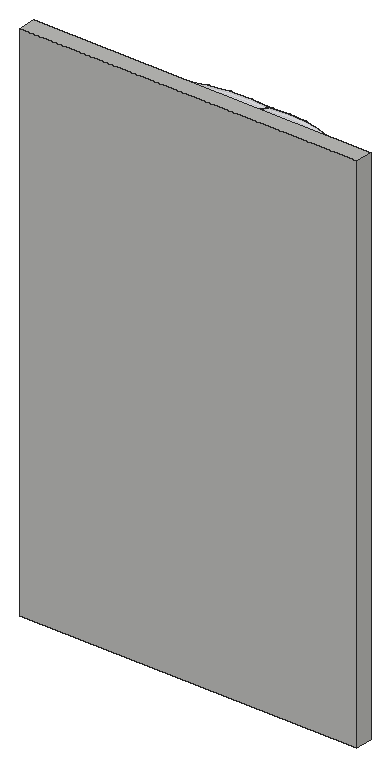
Revit family "TLI - Zenith W Small - Wall", category Lighting Fixtures, host Wall, Revit 2012
Parameters (values of type "Biax 4-Pin 2 -  27W - 277V")
  Width = 1' - 0 5/8"
  Wet Location [instance] = yes
  Watts = 54 W
  Wattage = 24.2356 W
  built-in parameter 1150110 = 1 (stored number, unit not read)
  Voltage = 54 V
  URL = "http://teronlighting.com/"
  built-in parameter 1114217 = 0.81 (stored number, unit not read)
  Tilt Angle = 0.00°
  built-in parameter 1150109 = 1 (stored number, unit not read)
  built-in parameter 1150134 = (empty or 0)
  built-in parameter 1150113 = 1 (stored number, unit not read)
  Requires Special Disposal = no
  Remote Battery = no
  Product Page URL = "http://teronlighting.com/products/zenith-w-small/"
  Product Documentation URL = "http://teronlighting.com/wp-content/uploads/Zenith-W-Small.pdf"
  Product = "Zenith W Small"
  Point of Final Manufacture = "Fairfield, OH, USA"
  Photometric Web File = "generic.ies"
  Percentage Pre-Consumer = 0
  Percentage Post-Consumer = 0
  Number of Lamps = 2
  built-in parameter 1150142 = (empty or 0)
  Multi-Tap Ballast [instance] = no
  Mounting Type = "4\" Junction Box"
  Model = "ZENS - 227"
  MasterFormat 2004 Title = "Exterior Lighting"
  MasterFormat 2004 Number = "26.56.00"
  Manufacturer Telephone = "01-513-858-6004"
  Manufacturer Email = "sales@teronlight.com"
  Manufacturer Address = "33 Donald Drive Fairfield, OH 45014"
  Manufacturer = "Teron Lighting"
  Lumens = 3600 lm
  built-in parameter 1150115 = 1 (stored number, unit not read)
  built-in parameter 1150105 = 286.48 (stored number, unit not read)
  built-in parameter 1150137 = (empty or 0)
  built-in parameter 1150139 = 0.81 (stored number, unit not read)
  Length = 1' - 7 5/8"
  built-in parameter 1150112 = 1 (stored number, unit not read)
  built-in parameter 1150114 = 1 (stored number, unit not read)
  Lamp Base = "4-Pin"
  Lamp = "2 - 27W BIAX"
  Integral Battery = no
  built-in parameter 1150132 = 2
  built-in parameter 1150102 = 3600
  built-in parameter 1150138 = 3000 (stored number, unit not read)
  built-in parameter 1150107 = 3000 (stored number, unit not read)
  Industry Standards = "Buy America Act, Vandal Resistant"
  built-in parameter 1150106 = 2.8648 (stored number, unit not read)
  Fused [instance] = no
  Fixture Material = Paint - TLI - Matte Silver
  Fixture = "Aluminum"
  Finish = "Matte Silver"
  Emergency Light Fixture [instance] = no
  Electronic Ballast [instance] = no
  built-in parameter 1150104 = 13.8 (stored number, unit not read)
  Distributor Locations = "USA, Canada, Puerto Rico"
  Dimming Lamp Color Temperature Shift = <None>
  Dimming Ballast [instance] = no
  Diffuser Material = Acrylic - TLI - Luminous White
  Diffuser = "Luminous White Acrylic"
  Description = "Architectectural Outdoor"
  Depth = 0' - 3 7/8"
  Date Created = "7.2.2012"
  Created By = "RenderSpec  http://rederspec.com"
  Cost = 0
  Conditions of Use = "Elements are representations. Color and detail may differ from actual product. Information is for general use and should be reviewed by a Professional."
  Color Filter = 16777215
  built-in parameter 1114218 = 1 (stored number, unit not read)
  built-in parameter 1150133 = 10 (stored number, unit not read)
  Apparent Load = 0 VA
  Amps = 1
  ADA Compliant = yes
Types (4): name | Watts | Wattage | Voltage | Number of Lamps | Model | Lumens | built-in parameter 1150105 | Lamp | built-in parameter 1150106
  Biax 4-Pin 1 -  27W - 120V | 27 W | 12.1178 W | 27 V | 1 | "ZENS - 127" | 1800 lm | 143.24 (stored number, unit not read) | "1 - 27W BIAX" | 1.4324 (stored number, unit not read)
  Biax 4-Pin 1 -  27W - 277V | 27 W | 12.1178 W | 27 V | 1 | "ZENS - 127" | 1800 lm | 143.24 (stored number, unit not read) | "1 - 27W BIAX" | 1.4324 (stored number, unit not read)
  Biax 4-Pin 2 -  27W - 120V | 54 W | 24.2356 W | 54 V | 2 | "ZENS - 227" | 3600 lm | 286.48 (stored number, unit not read) | "2 - 27W BIAX" | 2.8648 (stored number, unit not read)
  Biax 4-Pin 2 -  27W - 277V | 54 W | 24.2356 W | 54 V | 2 | "ZENS - 227" | 3600 lm | 286.48 (stored number, unit not read) | "2 - 27W BIAX" | 2.8648 (stored number, unit not read)
Reference planes (in)
  plane 1: y = 0
  plane 2 "Light Source Axis (F/B)": y = 4
  plane 3 "Light Source Axis (L/R)": x = -1.43133
  plane 4 "Light Source Elevation": z = 60.03469
Text (in)
  text "Placement Side" at (0, 40.15149, 117.0711), in view "Right"
  text "Placement Side" at (-70.3804, 28.46503, 0), in view "Ref. Level"
  text "Placement Side" at (0, 47.49176, 118.91627), in view "Left"
Dimensions and locks (in)
  locked: plane 2 "Light Source Axis (F/B)" to host wall at 1
  locked: nested 2 to plane 2 "Light Source Axis (F/B)" at 1
  aligned and locked: plane 3 "Light Source Axis (L/R)" to imposter light
  aligned and locked: plane 2 "Light Source Axis (F/B)" to imposter light
  aligned and locked: plane 4 "Light Source Elevation" to imposter light
  aligned and locked: nested 1 to plane 3 "Light Source Axis (L/R)"
  aligned and locked: nested 1 to host wall
Nested families (in)
  nested 1: "Wall Mounted Light Fixture" at (-1.43133, 3, 0), Emergency Light Fixture <- "Emergency Light Fixture", type "Wall Mounted Light Fixture"
    with Emergency Light Fixture no
  nested 2: "TLI - Zenith W Small" at (-1.43133, 3, 60.03469), type "TLI - Zenith W Small"
Definition of nested family "TLI - Zenith W Small"
  Parameters (values of type "TLI - Zenith W Small")
    Fixture Material = none
    Diffuser Material = none
  Reference planes (in)
    plane 1 "Center (Front/Back)": y = 0
    plane 2: z = 0
    plane 3 "Center (Left/Right)": x = 0
    plane 4: x = -4.72207
    plane 5: x = 4.72207
    plane 6: y = -1.75706
  Forms (in)
    Extrusion 1, solid, material <- "Fixture Material"
      sketch origin (0, 0.625, 0) x (1, 0, 0) y (0, 0, 1)
        loop
          line (-6.25, -9.74831) -> (6.25, -9.74831) -> (6.25, 9.74831) -> (-6.25, 9.74831) -> (-6.25, -9.74831)
      from 0 to 0.625
    Extrusion 2, solid, material <- "Fixture Material"
      sketch origin (0, 1.3125, 0) x (1, 0, 0) y (0, 0, 1)
        loop
          line (4.78457, -8.28301) -> (4.78457, 8.28301) -> (-4.78457, 8.28301) -> (-4.78457, -8.28301) -> (4.78457, -8.28301)
        loop
          line (-5.44877, -8.94708) -> (5.44877, -8.94708) -> (5.44877, 8.94708) -> (-5.44877, 8.94708) -> (-5.44877, -8.94708)
      from 0 to 0.6875
    Extrusion 3, void
      sketch origin (0, 0, 0) x (1, 0, 0) y (0, 1, 0)
        loop
          line (-4.78457, 1.21414) -> (-4.78457, 0) -> (0, 0) -> (0, 1.21414) -> (-4.78457, 1.21414)
      from -8.28301 to 8.28301
    SweptBlend 4, solid, material <- "Diffuser Material"
      path origin (0, 0, 0) x (1, 0, 0) y (0, 1, 0)
        loop
          arc (-4.78457, 1.21414) -> (-2.73735, 3.16504) -> (0, 3.875) r 5.63206
      profile origin (-4.78457, 1.21414, 0) x (-0.849523, 0.527551, 0) y (0, 0, 1)
        loop
          arc (0, 8.10676) -> (-0.02508, 8.18188) -> (-0.09027, 8.22684) r 0.125
          line (-0.09027, 8.22684) -> (-0.12253, 8.22684) -> (-2.125, 8.22684) -> (-2.125, 8.10184) -> (-0.20101, 8.10184) -> (-0.125, 8.10184) -> (-0.125, -8.10184) -> (-0.15588, -8.10184) -> (-2.125, -8.10184) -> (-2.125, -8.22684) -> (-0.1833, -8.22684) -> (-0.09027, -8.22684)
          arc (-0.09027, -8.22684) -> (-0.02508, -8.18188) -> (0, -8.10676) r 0.125
          line (0, -8.10676) -> (0, 8.10676)
      end profile origin (0, 3.875, 0) x (0, 1, 0) y (0, 0, 1)
        loop
          line (-2.0625, 8.22684) -> (-3.15322, 8.22684) -> (-3.15322, 8.10184) -> (-2.08022, 8.10184) -> (-0.125, 7.53627) -> (-0.125, -7.53627) -> (-2.08022, -8.10184) -> (-3.15322, -8.10184) -> (-3.15322, -8.22684) -> (-2.0625, -8.22684) -> (-0.09027, -7.65635)
          arc (-0.09027, -7.65635) -> (-0.02508, -7.61138) -> (0, -7.53627) r 0.125
          line (0, -7.53627) -> (0, 7.53627)
          arc (0, 7.53627) -> (-0.02508, 7.61138) -> (-0.09027, 7.65635) r 0.125
          line (-0.09027, 7.65635) -> (-2.0625, 8.22684)
    Extrusion 5, void
      sketch origin (4.78457, 0, 0) x (1, 0, 0) y (0, 1, 0)
        loop
          line (-4.78457, 1.21414) -> (-4.78457, 0) -> (0, 0) -> (0, 1.21414) -> (-4.78457, 1.21414)
      from -8.28301 to 8.28301
    SweptBlend 6, solid, material <- "Diffuser Material"
      path origin (0, 0, 0) x (-1, 0, 0) y (0, -1, 0)
        loop
          arc (-4.78457, -1.21414) -> (-2.73735, -3.16504) -> (0, -3.875) r 5.63206
      profile origin (4.78457, 1.21414, 0) x (-0.849523, -0.527551, 0) y (0, 0, 1)
        loop
          line (0, 8.10676) -> (0, -8.10676)
          arc (0, -8.10676) -> (0.02508, -8.18188) -> (0.09027, -8.22684) r 0.125
          line (0.09027, -8.22684) -> (0.1833, -8.22684) -> (2.125, -8.22684) -> (2.125, -8.10184) -> (0.15588, -8.10184) -> (0.125, -8.10184) -> (0.125, 8.10184) -> (0.20101, 8.10184) -> (2.125, 8.10184) -> (2.125, 8.22684) -> (0.12253, 8.22684) -> (0.09027, 8.22684)
          arc (0.09027, 8.22684) -> (0.02508, 8.18188) -> (0, 8.10676) r 0.125
      end profile origin (0, 3.875, 0) x (0, -1, 0) y (0, 0, 1)
        loop
          line (2.0625, 8.22684) -> (0.09027, 7.65635)
          arc (0.09027, 7.65635) -> (0.02508, 7.61138) -> (0, 7.53627) r 0.125
          line (0, 7.53627) -> (0, -7.53627)
          arc (0, -7.53627) -> (0.02508, -7.61138) -> (0.09027, -7.65635) r 0.125
          line (0.09027, -7.65635) -> (2.0625, -8.22684) -> (3.15322, -8.22684) -> (3.15322, -8.10184) -> (2.08022, -8.10184) -> (0.125, -7.53627) -> (0.125, 7.53627) -> (2.08022, 8.10184) -> (3.15322, 8.10184) -> (3.15322, 8.22684) -> (2.0625, 8.22684)
  Cuts and joins
    Extrusion 3 cuts SweptBlend 4
    Extrusion 5 cuts SweptBlend 6
    joined: SweptBlend 4, SweptBlend 6
  Dimensions and locks (in)
    aligned and locked: plane 2 to level
Definition of nested family "Wall Mounted Light Fixture"
  Parameters (values of type "Wall Mounted Light Fixture")
    Emergency Light Fixture [instance] = no
  Reference planes (in)
    plane 1: y = 0
    plane 2: x = 0
  Lines and regions (in)
    detail lines, built-in parameter 1006310 <- "Emergency Light Fixture"
      curve 1: circle (0, 0.125, 0) r 0.0625 normal (0, 0, 1)
    detail lines
      curve 2: line (-0.0625, 0, 0) -> (0.0625, 0, 0)
      curve 3: line (0, 0, 0) -> (0, 0.0625, 0)
